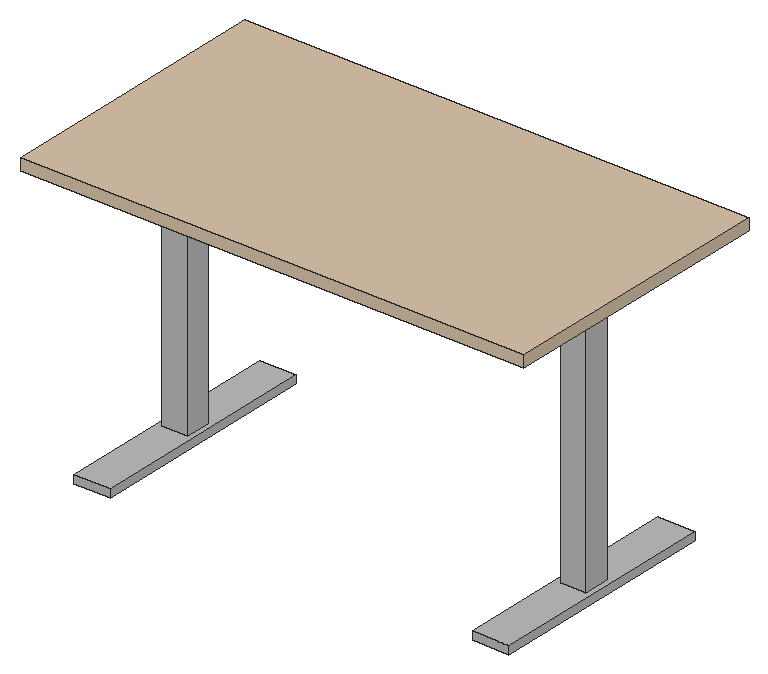
Revit family "Haworth_Masters_Table-Rectangular", category Furniture Systems, Revit 2018
Family settings
  Round Connector Dimension = Use Diameter
  Part Type = Normal
  OmniClass Number = 23.40.70.14.64.21
  OmniClass Title = Systems Furniture
  Work Plane-Based = No
  Always vertical = Yes
  Cut with Voids When Loaded = No
  Shared = No
  Room Calculation Point = No
Parameters (values of type "29d 52w - Rectangular Top - Height Adjustable")
  Worksurface Finish [instance] = Haworth _ Laminate _ Maple H-AE
  Worksurface Edge Finish [instance] = Haworth _ Laminate _ Maple H-AE
  Warranty = "http://www.haworth.com/resources/product-info/warranties"
  URL - Product = "http://www.haworth.com/products/desks/freestanding/masters-series"
  Sustainability Info = "http://media.haworth.com/asset/94814/Masters%20series%20PEDS.pdf"
  Leg Finish = Haworth _ Paint _ Metallic Champagne
  Model = "Masters"
  Min. Depth = if(Hoop Leg, 30", 29")  # 29"
  Max. Depth = if(Hoop Leg, 42", 41")  # 41"
  Hoop Leg = not(Height Adjustable)  # no
  Height Adjustable = yes
  Height = 30"
  Width = 52"
  URL = "http://www.haworth.com/"
  Support Height = Actual Height - Worksurface Thickness  # 28 13/16"
  Size = "Verify Final Dim. w/ Haworth"  # constant formula
  Revision Number = "0"  # constant formula
  Min/Max Width = if(Hoop Leg, "60-84 in. @ 6 in. Increments", "58-82 in. @ 6 in. Incriments")  # "58-82 in. @ 6 in. Incriments"
  Min/Max Height = if(Hoop Leg, "28 11/16-32 11/16 in.", "28 11/16-47 11/16 in.")  # "28 11/16-47 11/16 in."
  Min. Width = if(Hoop Leg, 60", 52")  # 52"
  Max. Width = 84"  # constant formula
  Min. Height = 28 11/16"  # constant formula
  Max. Height = if(Height Adjustable, 46" + Worksurface Thickness, 31 1/2" + Worksurface Thickness)  # 47 3/16"
  Manufacturer = "Haworth"  # constant formula
  Support Offset = 1 1/4"  # constant formula
  Description = "29d 58w - Rectangular Top - Height Adjustable"
  Depth = 29"
  Custom Width = not(or(Width / 6 = 10", Width / 6 = 11", Width / 7 = 12", Width / 7 = 13", Width / 7 = 14", (Width + 2") / 6 = 10", (Width + 2") / 6 = 11", (Width + 2") / 7 = 12", (Width + 2") / 7 = 13", (Width + 2") / 7 = 14"))  # yes
  Custom Size = or(Custom Depth, Custom Width)  # yes
  Custom Depth = not(or(Depth / 6 = 5", Depth / 6 = 6", Depth / 7 = 6", (Depth + 1") / 6 = 5", (Depth + 1") / 6 = 6", (Depth + 1") / 7 = 6"))  # no
  Author = "SHAPE Environments, LLC"  # constant formula
  Assembly Code = "E2020200"
  Actual Width = if(Width > Max. Width, Max. Width, if(Width < Min. Width, Min. Width, Width))  # 52"
  Actual Support Depth = Actual Depth - (Support Offset * 2)  # 26 1/2"
  Actual Height = if(Height > Max. Height, Max. Height, if(Height < Min. Height, Min. Height, Height))  # 30"
  Worksurface Thickness = 1 3/16"  # constant formula
  Min/Max Depth = if(Hoop Leg, "30, 36, 42 in.", "29, 35, 41 in.")  # "29, 35, 41 in."
  Actual Depth = if(Depth > Max. Depth, Max. Depth, if(Depth < Min. Depth, Min. Depth, Depth))  # 29"
Types (2): name | Width | Custom Width | Custom Size | Actual Width
  29d 52w - Rectangular Top - Height Adjustable | 52" | yes | yes | 52"
  29d 58w - Rectangular Top - Height Adjustable | 58" | no | no | 58"
Reference planes (in)
  plane 1 "Center F/B": y = 0
  plane 2 "Floor": z = 0
  plane 3 "Center L/R": x = 0
  plane 4 "Table Edge Left": x = -26
  plane 5 "Table Edge Right": x = 26
  plane 6 "Table Edge Back": y = -14.5
  plane 7 "Table Edge Front": y = 14.5
  plane 8 "Table Bottom": z = 30
  plane 9 "Support Front Offset": y = -13.25
  plane 10 "Support Back Offset": y = 13.25
  plane 11 "masking region": z = 28
  plane 12: x = 24.7
  plane 13: x = -24.7
  plane 14: x = 22.5
  plane 15: x = -22.5
Lines and regions (in)
  Masking region 1
    outline origin (0, 0, 28) x (0, -1, 0) y (1, 0, 0)
      loop
        line (-14.5, -26) -> (14.5, -26) -> (14.5, 26) -> (-14.5, 26) -> (-14.5, -26)
  symbolic lines, style "Haworth Hidden", detail levels fine
    curve 1: line (22.5, -12, 0) -> (22.5, 12, 0)
    curve 7: line (-22.5, -12, 0) -> (-22.5, 12, 0)
  symbolic lines, style "Haworth Hidden", visible <- "Height Adjustable", detail levels fine
    curve 2: line (20.89922, -12, 0) -> (22.5, -12, 0)
    curve 3: line (20.89922, 12, 0) -> (20.89922, -12, 0)
    curve 4: line (22.5, 12, 0) -> (20.89922, 12, 0)
    curve 5: line (-20.89922, -12, 0) -> (-22.5, -12, 0)
    curve 6: line (-20.89922, 12, 0) -> (-20.89922, -12, 0)
    curve 8: line (-22.5, 12, 0) -> (-20.89922, 12, 0)
  symbolic lines, style "Haworth Hidden", visible <- "Hoop Leg", detail levels fine
    curve 9: line (22.5, -12.875, 0) -> (22.5, -12, 0)
    curve 10: line (20.5, -12.875, 0) -> (22.5, -12.875, 0)
    curve 11: line (20.5, 12.875, 0) -> (20.5, -12.875, 0)
    curve 12: line (22.5, 12.875, 0) -> (20.5, 12.875, 0)
    curve 13: line (-20.5, 12.875, 0) -> (-20.5, -12.875, 0)
    curve 14: line (-22.5, 12.875, 0) -> (-20.5, 12.875, 0)
    curve 15: line (-22.5, -12.875, 0) -> (-22.5, -12, 0)
    curve 16: line (-20.5, -12.875, 0) -> (-22.5, -12.875, 0)
    curve 17: line (-22.5, 12, 0) -> (-22.5, 12.875, 0)
    curve 18: line (22.5, 12, 0) -> (22.5, 12.875, 0)
Dimensions and locks (in)
  "Actual Depth": plane 7 "Table Edge Front" to plane 6 "Table Edge Back"
  "Actual Width": plane 4 "Table Edge Left" to plane 5 "Table Edge Right"
  equal spacing: plane 4 "Table Edge Left", plane 3 "Center L/R", plane 5 "Table Edge Right"
  equal spacing: plane 7 "Table Edge Front", plane 1 "Center F/B", plane 6 "Table Edge Back"
  "Support Offset": plane 9 "Support Front Offset" to plane 6 "Table Edge Back"
  "Support Offset": plane 7 "Table Edge Front" to plane 10 "Support Back Offset"
  "Actual Height": plane 8 "Table Bottom" to level
  locked: plane 8 "Table Bottom" to plane 11 "masking region" at 2
  plane 5 "Table Edge Right" to plane 12 = 1.3"
  plane 4 "Table Edge Left" to plane 13 = 1.3"
  plane 4 "Table Edge Left" to plane 15 = 3 1/2"
  plane 14 to plane 5 "Table Edge Right" = 3 1/2"
  aligned and locked: plane 3 "Center L/R" to nested 1
  aligned and locked: plane 1 "Center F/B" to nested 1
  aligned and locked: plane 4 "Table Edge Left" to Masking region 1 sketch curve
  aligned and locked: Masking region 1 sketch curve to plane 7 "Table Edge Front"
  aligned and locked: nested 1 to Masking region 1 sketch curve
  aligned and locked: nested 2 to plane 12
  aligned and locked: nested 3 to plane 13
  aligned and locked: plane 1 "Center F/B" to nested 3
  aligned and locked: nested 2 to plane 1 "Center F/B"
  aligned and locked: nested 4 to plane 1 "Center F/B"
  aligned and locked: plane 1 "Center F/B" to nested 5
  aligned and locked: plane 14 to nested 4
  aligned and locked: plane 5 "Table Edge Right" to Masking region 1
  aligned and locked: plane 15 to nested 5
  aligned and locked: nested 1 to nested 5
Automatic sketch dimensions
  plane 5 "Table Edge Right" to Masking region 1 sketch curve = 0"
  curve 8 to curve 13 = 0.39922"
  curve 10 to curve 3 = 0.39922"
  curve 15 to curve 15 = 7/8"
  plane 9 "Support Front Offset" to curve 3 = 1 1/4"
  curve 8 to plane 10 "Support Back Offset" = 1 1/4"
  curve 1 to curve 12 = 7/8"
  curve 17 to plane 13 = 2.2"
  curve 10 to plane 12 = 2.2"
  curve 14 to plane 10 "Support Back Offset" = 3/8"
  curve 14 to plane 13 = 4.2"
  curve 3 to plane 12 = 3 205/256"
  plane 9 "Support Front Offset" to curve 5 = 1 1/4"
  plane 9 "Support Front Offset" to curve 9 = 3/8"
  curve 1 to plane 10 "Support Back Offset" = 1 1/4"
Nested families (in)
  nested 1: "Haworth_Worksurface-Rectangular" at (0, -15, 0), type "Worksurface"
    with Table Thickness 1 3/16", Actual Width 52", Actual Depth 29"
  nested 2: "Haworth_Worksurface-Support_Part-Masters" at (15.2, 6.11431, 0), visible <- "Hoop Leg", type "Support"
    with Angled Support Extension 17 1/2", Worksurface Depth 29", Actual Depth 26 1/2"
  nested 3: "Haworth_Worksurface-Support_Part-Masters" at (-15.2, 6.11431, 0) x (-1, 0, 0) z (0, 0, 1), visible <- "Hoop Leg", type "Support"
    with Angled Support Extension 17 1/2", Worksurface Depth 29", Actual Depth 26 1/2"
  nested 4: "Haworth_Worksurface-Adjustable-Support_Part-Masters" at (12.09961, 7.36431, 0), visible <- "Height Adjustable", type "Corner Support"
    with Shroud no, Worksurface Depth 29", Actual Depth 29"
  nested 5: "Haworth_Worksurface-Adjustable-Support_Part-Masters" at (-12.09961, 7.36431, 0) x (-1, 0, 0) z (0, 0, 1), visible <- "Height Adjustable", type "Corner Support"
    with Shroud no, Worksurface Depth 29", Actual Depth 29"
Definition of nested family "Haworth_Worksurface-Rectangular"
  Parameters
    Width = 0"
    Warranty = ""
    URL - Product = ""
    URL = "www.haworth.com"
    Table Thickness = 1 1/2"
    Table Finish = none
    Table Edge Finish = none
    Sustainability Info = ""
    Squared Corners = yes
    Size = "Verify Final Dim. w/ Haworth"  # constant formula
    Rounded Corners = no
    Revision Number = ""
    OmniClass Number = ""
    Min/Max Width = ""
    Min/Max Height = ""
    Min. Width = 0"
    Max. Width = 0"
    Min. Height = 0"
    Max. Height = 0"
    Material Options = ""
    Manufacturer = "Haworth"  # constant formula
    LEED Data = ""
    Height = 0"
    Author = "SHAPE Environments, LLC"  # constant formula
    Assembly Code = ""
    Actual Width = 60"
    Actual Height = 30"
    Actual Depth = 30"
  Reference planes (in)
    plane 1 "Center F/B": y = 15
    plane 2: z = 0
    plane 3 "Center L/R": x = 0
    plane 4 "Table Front": y = 30
    plane 5 "Table Right": x = 30
    plane 6 "Table Left": x = -30
    plane 7 "Table Back": y = 0
    plane 8 "Table Top": z = 30
    plane 9 "Table Bottom": z = 28.5
  Forms (in)
    Extrusion 1, solid, material <- "Table Finish", visible <- "Squared Corners"
      sketch origin (0, 0, 0) x (1, 0, 0) y (0, 1, 0)
        loop
          line (-30, 30) -> (-30, 0) -> (30, 0) -> (30, 30) -> (-30, 30)
      from 28.5 to 30
    Extrusion 2, solid, material <- "Table Finish", visible <- "Rounded Corners"
      sketch origin (0, 0, 0) x (1, 0, 0) y (0, 1, 0)
        loop
          arc (-28.5, 30) -> (-29.56066, 29.56066) -> (-30, 28.5) r 1.5
          line (-30, 28.5) -> (-30, 1.5)
          arc (-30, 1.5) -> (-29.56066, 0.43934) -> (-28.5, 0) r 1.5
          line (-28.5, 0) -> (28.5, 0)
          arc (28.5, 0) -> (29.56066, 0.43934) -> (30, 1.5) r 1.5
          line (30, 1.5) -> (30, 28.5)
          arc (30, 28.5) -> (29.56066, 29.56066) -> (28.5, 30) r 1.5
          line (28.5, 30) -> (-28.5, 30)
      from 28.5 to 30
  Dimensions and locks (in)
    "Actual Depth": plane 7 "Table Back" to plane 4 "Table Front"
    "Actual Width": plane 6 "Table Left" to plane 5 "Table Right"
    equal spacing: plane 6 "Table Left", plane 3 "Center L/R", plane 5 "Table Right"
    equal spacing: plane 4 "Table Front", plane 1 "Center F/B", plane 7 "Table Back"
    "Table Thickness": plane 8 "Table Top" to plane 9 "Table Bottom"
    "Actual Height": plane 8 "Table Top" to level
    aligned and locked: plane 6 "Table Left" to Extrusion 1 sketch curve
    aligned and locked: Extrusion 1 sketch curve to plane 4 "Table Front"
    aligned and locked: plane 7 "Table Back" to Extrusion 1 sketch curve
    aligned and locked: plane 5 "Table Right" to Extrusion 1 sketch curve
    aligned and locked: plane 8 "Table Top" to Extrusion 1
    aligned and locked: Extrusion 1 to plane 9 "Table Bottom"
    aligned and locked: plane 6 "Table Left" to Extrusion 2 sketch curve
    aligned and locked: Extrusion 2 sketch curve to plane 7 "Table Back"
    aligned and locked: plane 5 "Table Right" to Extrusion 2 sketch curve
    aligned and locked: Extrusion 2 sketch curve to plane 4 "Table Front"
    aligned and locked: plane 8 "Table Top" to Extrusion 2
    aligned and locked: Extrusion 2 to plane 9 "Table Bottom"
  Automatic sketch dimensions
    plane 6 "Table Left" to Extrusion 2 sketch curve = 1 1/2"
    Extrusion 2 sketch curve to Extrusion 2 sketch curve = 1 1/2"
    plane 5 "Table Right" to Extrusion 2 sketch curve = 1 1/2"  (x2)
Definition of nested family "Haworth_Worksurface-Support_Part-Masters"
  Parameters (values of type "Support")
    Support Offset = 3/8"  # constant formula
    Worksurface Height = 28 13/16"
    Worksurface Depth = 42"
    Warranty = "www.haworth.com/en-us/Products/Pages/Certifications.aspx"
    URL - Product = "www.haworth.com/en-us/Products/Furniture/Systems/Desking-Systems/Pages/Compose.aspx"
    URL = "www.haworth.com"
    Top Thickness = 1 3/16"
    Sustainability Info = "www.haworth.com/en-us/About-Us/Sustainability/Pages/Vision.aspx"
    Support Thickness = 2"  # constant formula
    Support Height = 28 13/16"
    Spacer Depth = 15"  # constant formula
    Size = "Verify Final Dim. w/ Haworth"  # constant formula
    Revision Number = "1"  # constant formula
    Model = "Worksurface"
    Min/Max Height = "26-32 in."  # constant formula
    Min/Max Depth = "18-36 in."  # constant formula
    Min. Height = 20"  # constant formula
    Min. Depth = 18"  # constant formula
    Max. Height = 48"  # constant formula
    Max. Depth = 36"  # constant formula
    Manufacturer = "Haworth"  # constant formula
    Leg Finish = none
    LEED Data = "www.haworth.com/en-us/Products/Furniture/Systems/Desking-Systems/Pages/Compose.aspx"
    Gap Depth = 3"  # constant formula
    Description = "Worksurface Support Reside"  # constant formula
    Corner Straight Support Extension = 5 3/4"  # constant formula
    Corner Angled Support Extension = 2 1/2"  # constant formula
    Bottom Strut Thickness = 1"  # constant formula
    Bottom Strut Location = 9"  # constant formula
    Author = "SHAPE Environments, LLC"  # constant formula
    Assembly Code = "E2020200"
    Angled Support Extension [instance] = 17 1/2"
    Actual Height = 30"
    Actual Depth = 39 1/2"
  Reference planes (in)
    plane 1: z = 0
    plane 2 "Center L/R": x = 8.5
    plane 3 "Support Left Edge": x = 7.5
    plane 4 "Support Right Edge": x = 9.5
    plane 5 "Back": y = 7.13569
    plane 6 "Front": y = -32.36431
    plane 7 "Support Top": z = 28.8125
    plane 8 "Mid Strut Top": z = 0.8125
    plane 9 "Mid Strut Bottom": z = 3.4375
    plane 10 "Top Strut Bottom": z = 27.625
    plane 11 "Front Support Exterior": y = -31.98931
    plane 12 "Front Support Interior": y = -30.98931
    plane 13 "Back Support Interior": y = 5.76069
    plane 14 "Back Support Exterior": y = 6.76069
    plane 15 "Center F/B": y = -12.61431
    plane 16 "Leg Top": z = 28.5625
    plane 17: x = -1.5
  Forms (in)
    Extrusion 1, solid, material <- "Leg Finish"
      sketch origin (8.5, 0, 0) x (0, 1, 0) y (0, 0, 1)
        loop
          line (5.76069, 0.8125) -> (-30.98931, 0.8125) -> (-30.98931, 28.8125) -> (-31.98931, 28.8125) -> (-31.98931, 0) -> (6.76069, 0) -> (6.76069, 28.8125) -> (5.76069, 28.8125) -> (5.76069, 0.8125)
      from -1 to 1
  Dimensions and locks (in)
    "Support Thickness": plane 3 "Support Left Edge" to plane 4 "Support Right Edge"
    equal spacing: plane 3 "Support Left Edge", plane 2 "Center L/R", plane 4 "Support Right Edge"
    "Actual Depth": plane 5 "Back" to plane 6 "Front"
    plane 7 "Support Top" to plane 10 "Top Strut Bottom" = 1 3/16"
    "Support Height": plane 7 "Support Top" to level
    locked: plane 5 "Back" to plane 14 "Back Support Exterior" at 0.375
    locked: plane 14 "Back Support Exterior" to plane 13 "Back Support Interior" at 1
    plane 12 "Front Support Interior" to plane 11 "Front Support Exterior" to plane 6 "Front" = 1" locked, 3/8" locked
    plane 7 "Support Top" to plane 9 "Mid Strut Bottom" = 25 3/8"
    equal spacing: plane 5 "Back", plane 15 "Center F/B", plane 6 "Front"
    plane 8 "Mid Strut Top" to level = 13/16"
    locked: plane 7 "Support Top" to plane 16 "Leg Top" at 0.25
    plane 17 to plane 2 "Center L/R" = 10"
    aligned and locked: plane 4 "Support Right Edge" to Extrusion 1
    aligned and locked: plane 3 "Support Left Edge" to Extrusion 1
  Automatic sketch dimensions
    Extrusion 1 sketch curve to level = 0"
    Extrusion 1 sketch curve to plane 11 "Front Support Exterior" = 0"
    Extrusion 1 sketch curve to plane 7 "Support Top" = 0"  (x2)
    Extrusion 1 sketch curve to plane 12 "Front Support Interior" = 0"
    Extrusion 1 sketch curve to plane 13 "Back Support Interior" = 0"
    Extrusion 1 sketch curve to plane 14 "Back Support Exterior" = 0"
    Extrusion 1 sketch curve to plane 8 "Mid Strut Top" = 0"
Definition of nested family "Haworth_Worksurface-Adjustable-Support_Part-Masters"
  Parameters (values of type "Corner Support")
    Wedge support offset = if(Worksurface Depth = 30", 4", if(Worksurface Depth = 36", 7", if(Worksurface Depth = 42", 2 205/256", 4")))  # 4"
    Support Offset = 3/8"  # constant formula
    Worksurface Height = 30"
    Worksurface Depth = 30"
    Warranty = "www.haworth.com/en-us/Products/Pages/Certifications.aspx"
    URL - Product = "www.haworth.com/en-us/Spaces/2011-NeoCon/New-Products/Pages/Reside-Desking.aspx"
    URL = "www.haworth.com"
    Top Thickness = 1 3/16"
    Sustainability Info = "www.haworth.com/en-us/About-Us/Sustainability/Pages/Vision.aspx"
    Support Thickness = 3 205/256"  # constant formula
    Support Height = Worksurface Height - Top Thickness  # 28 13/16"
    Spacer Depth = 15"  # constant formula
    Size = "Verify Final Dim. w/ Haworth"  # constant formula
    Shroud [instance] = yes
    Revision Number = "1"  # constant formula
    Panel Finish = none
    Model = "Worksurface"
    Min/Max Height = "26-32 in."  # constant formula
    Min/Max Depth = "18-36 in."  # constant formula
    Min. Height = 20"  # constant formula
    Min. Depth = 18"  # constant formula
    Max. Height = 48"  # constant formula
    Max. Depth = 36"  # constant formula
    Manufacturer = "Haworth"  # constant formula
    Leg Finish = none
    LEED Data = "www2.haworth.com/Promo/Reside-Beside-Belong/LEED-Reside.pdf"
    Gap Depth = 3"  # constant formula
    Description = "Worksurface Support Reside"  # constant formula
    Corner Straight Support Extension = 5 3/4"  # constant formula
    Corner Angled Support Extension = 2 1/2"  # constant formula
    Bottom Strut Thickness = 1"  # constant formula
    Bottom Strut Location = 9"  # constant formula
    Author = "SHAPE Environments, LLC"  # constant formula
    Assembly Code = "E2020200"
    Actual Height = 30"
    Actual Depth = 30"
  Types (2): name | Worksurface Height | URL - Product | Support Height | LEED Data | Actual Depth
    Corner Support | 30" | "www.haworth.com/en-us/Spaces/2011-NeoCon/New-Products/Pages/Reside-Desking.aspx" | 28 13/16" | "www2.haworth.com/Promo/Reside-Beside-Belong/LEED-Reside.pdf" | 30"
    Support | 28 13/16" | "www.haworth.com/en-us/Products/Furniture/Systems/Desking-Systems/Pages/Compose.aspx" | 27 5/8" | "www.haworth.com/en-us/Products/Furniture/Systems/Desking-Systems/Pages/Compose.aspx" | 27 1/2"
  Reference planes (in)
    plane 1: z = 0
    plane 2 "Center L/R": x = 8.5
    plane 3 "Support Left Edge": x = 6.59961
    plane 4 "Support Right Edge": x = 10.40039
    plane 5 "Back": y = 7.13569
    plane 6 "Front": y = -22.86431
    plane 7 "Support Top": z = 28.8125
    plane 8 "Mid Strut Top": z = 0.8125
    plane 9 "Mid Strut Bottom": z = 3.4375
    plane 10 "Top Strut Bottom": z = 27.625
    plane 11 "Front Support Exterior": y = -20.36431
    plane 12 "Front Support Interior": y = -16.36431
    plane 13 "Back Support Interior": y = 0.63569
    plane 14 "Back Support Exterior": y = 4.63569
    plane 15 "Center F/B": y = -7.86431
    plane 16 "Leg Top": z = 28.5625
    plane 17: z = 25.3125
  Forms (in)
    Extrusion 1, solid, material <- "Leg Finish"
      sketch origin (8.5, 0, 0) x (0, 1, 0) y (0, 0, 1)
        loop
          line (4.63569, 0) -> (4.63569, 0.8125) -> (-20.36431, 0.8125) -> (-20.36431, 0) -> (4.63569, 0)
      from -1.90039 to 1.90039
    Extrusion 2, solid, material <- "Leg Finish"
      sketch origin (8.5, 0, 0) x (0, 1, 0) y (0, 0, 1)
        loop
          line (-6.56431, 0.8125) -> (-6.56431, 25.3125) -> (-9.16431, 25.3125) -> (-9.16431, 0.8125) -> (-6.56431, 0.8125)
      from -1.30078 to 1.30078
    Extrusion 3, solid, material <- "Leg Finish"
      sketch origin (8.5, 0, 0) x (0, 1, 0) y (0, 0, 1)
        loop
          line (-6.71431, 25.3125) -> (-6.71431, 28.8125) -> (-9.01431, 28.8125) -> (-9.01431, 25.3125) -> (-6.71431, 25.3125)
      from -1.14844 to 0.90039
    Extrusion 4, solid, material <- "Leg Finish"
      sketch origin (10.40039, 0, 0) x (0, 1, 0) y (0, 0, 1)
        loop
          line (0.63569, 28.5625) -> (0.63569, 28.8125) -> (-16.36431, 28.8125) -> (-16.36431, 28.5625) -> (-9.80762, 26.51695) -> (-5.921, 26.51695) -> (0.63569, 28.5625)
      from -1 to 0
    Extrusion 5, solid, material <- "Panel Finish", visible <- "Shroud"
      sketch origin (0, 0, 0) x (1, 0, 0) y (0, 1, 0)
        loop
          line (5.84961, 5.38569) -> (5.84961, -21.11431) -> (6.59961, -21.11431) -> (11.15039, -21.11431) -> (11.15039, -20.36431) -> (11.15039, 5.38569) -> (10.40039, 5.38569) -> (5.84961, 5.38569)
        loop
          line (7.19922, -6.56431) -> (7.19922, -9.16431) -> (9.80078, -9.16431) -> (9.80078, -6.56431) -> (7.19922, -6.56431)
      from 0.5 to 21.5
  Dimensions and locks (in)
    "Support Thickness": plane 3 "Support Left Edge" to plane 4 "Support Right Edge"
    equal spacing: plane 3 "Support Left Edge", plane 2 "Center L/R", plane 4 "Support Right Edge"
    "Actual Depth": plane 5 "Back" to plane 6 "Front"
    plane 7 "Support Top" to plane 10 "Top Strut Bottom" = 1 3/16"
    "Support Height": plane 7 "Support Top" to level
    "Wedge support offset": plane 14 "Back Support Exterior" to plane 13 "Back Support Interior"
    plane 7 "Support Top" to plane 9 "Mid Strut Bottom" = 25 3/8"
    equal spacing: plane 5 "Back", plane 15 "Center F/B", plane 6 "Front"
    plane 8 "Mid Strut Top" to level = 13/16"
    locked: plane 7 "Support Top" to plane 16 "Leg Top" at 0.25
    locked: Extrusion 4 sketch curve to Extrusion 4 sketch curve at 2.29555
    locked: Extrusion 4 sketch curve to Extrusion 4 sketch curve at 0.25  (x2)
    plane 5 "Back" to plane 6 "Front" = 30"
    locked: plane 5 "Back" to plane 14 "Back Support Exterior" at 2.5
    locked: plane 11 "Front Support Exterior" to plane 6 "Front" at 2.5
    "Wedge support offset": plane 12 "Front Support Interior" to plane 11 "Front Support Exterior"
    locked: Extrusion 5 sketch curve to Extrusion 1 at 0.75  (x3)
    locked: Extrusion 1 to Extrusion 5 sketch curve at 0.75
    aligned and locked: plane 4 "Support Right Edge" to Extrusion 1
    aligned and locked: plane 3 "Support Left Edge" to Extrusion 1
    aligned and locked: plane 17 to Extrusion 2
    aligned and locked: plane 17 to Extrusion 3 sketch curve
    aligned and locked: Extrusion 3 sketch curve to plane 7 "Support Top"
    aligned and locked: plane 13 "Back Support Interior" to Extrusion 4 sketch curve
    aligned and locked: Extrusion 4 sketch curve to plane 7 "Support Top"
    aligned and locked: Extrusion 4 to Extrusion 3
    aligned and locked: plane 4 "Support Right Edge" to Extrusion 4
    aligned and locked: Extrusion 4 sketch curve to plane 13 "Back Support Interior"
    aligned and locked: plane 12 "Front Support Interior" to Extrusion 4 sketch curve
  Automatic sketch dimensions
    Extrusion 1 sketch curve to level = 0"
    Extrusion 1 sketch curve to plane 11 "Front Support Exterior" = 0"
    Extrusion 1 sketch curve to plane 8 "Mid Strut Top" = 0"
    Extrusion 1 sketch curve to plane 14 "Back Support Exterior" = 0"
    Extrusion 2 sketch curve to plane 8 "Mid Strut Top" = 0"
    Extrusion 2 sketch curve to plane 17 = 0"
    Extrusion 2 sketch curve to plane 15 "Center F/B" = 1.3"
    plane 15 "Center F/B" to Extrusion 2 sketch curve = 1.3"
    Extrusion 3 sketch curve to plane 15 "Center F/B" = 1.15"
    plane 15 "Center F/B" to Extrusion 3 sketch curve = 1.15"
    Extrusion 4 sketch curve to plane 15 "Center F/B" = 1.94331"
    plane 15 "Center F/B" to Extrusion 4 sketch curve = 1.94331"
    Extrusion 5 sketch curve to plane 3 "Support Left Edge" = 0"
    Extrusion 5 sketch curve to plane 4 "Support Right Edge" = 0"
    plane 11 "Front Support Exterior" to Extrusion 5 sketch curve = 0"
    Extrusion 5 sketch curve to plane 3 "Support Left Edge" = 0.59961"
    Extrusion 5 sketch curve to plane 4 "Support Right Edge" = 0.59961"
    Extrusion 5 sketch curve to plane 15 "Center F/B" = 1.3"
    plane 15 "Center F/B" to Extrusion 5 sketch curve = 1.3"
Types in the file's own list only (21): name | Min. Depth | Max. Depth | Hoop Leg | Height Adjustable | Width | Min/Max Width | Min/Max Height | Min. Width | Max. Height | Description | Depth | Custom Width | Custom Size | Actual Width | Actual Support Depth | Min/Max Depth | Actual Depth
  29d 64w - Rectangular Top - Height Adjustable | 29" | 41" | No | Yes | 64" | "58-82 in. @ 6 in. Incriments" | "28 11/16-47 11/16 in." | 52" | 47 3/16" | "29d 64w - Rectangular Top - Height Adjustable" | 29" | No | No | 64" | 26 1/2" | "29, 35, 41 in." | 29"
  29d 70w - Rectangular Top - Height Adjustable | 29" | 41" | No | Yes | 70" | "58-82 in. @ 6 in. Incriments" | "28 11/16-47 11/16 in." | 52" | 47 3/16" | "29d 70w - Rectangular Top - Height Adjustable" | 29" | Yes | Yes | 70" | 26 1/2" | "29, 35, 41 in." | 29"
  35d 58w - Rectangular Top - Height Adjustable | 29" | 41" | No | Yes | 58" | "58-82 in. @ 6 in. Incriments" | "28 11/16-47 11/16 in." | 52" | 47 3/16" | "35d 70w - Rectangular Top - Height Adjustable" | 35" | No | No | 58" | 32 1/2" | "29, 35, 41 in." | 35"
  35d 64w - Rectangular Top - Height Adjustable | 29" | 41" | No | Yes | 64" | "58-82 in. @ 6 in. Incriments" | "28 11/16-47 11/16 in." | 52" | 47 3/16" | "35d 70w - Rectangular Top - Height Adjustable" | 35" | No | No | 64" | 32 1/2" | "29, 35, 41 in." | 35"
  35d 70w - Rectangular Top - Height Adjustable | 29" | 41" | No | Yes | 70" | "58-82 in. @ 6 in. Incriments" | "28 11/16-47 11/16 in." | 52" | 47 3/16" | "35d 70w - Rectangular Top - Height Adjustable" | 35" | Yes | Yes | 70" | 32 1/2" | "29, 35, 41 in." | 35"
  35d 76w - Rectangular Top - Height Adjustable | 29" | 41" | No | Yes | 76" | "58-82 in. @ 6 in. Incriments" | "28 11/16-47 11/16 in." | 52" | 47 3/16" | "35d 76w - Rectangular Top - Height Adjustable" | 35" | Yes | Yes | 76" | 32 1/2" | "29, 35, 41 in." | 35"
  35d 82w - Rectangular Top - Height Adjustable | 29" | 41" | No | Yes | 82" | "58-82 in. @ 6 in. Incriments" | "28 11/16-47 11/16 in." | 52" | 47 3/16" | "35d 82w - Rectangular Top - Height Adjustable" | 35" | No | No | 82" | 32 1/2" | "29, 35, 41 in." | 35"
  41d 70w - Rectangular Top - Height Adjustable | 29" | 41" | No | Yes | 70" | "58-82 in. @ 6 in. Incriments" | "28 11/16-47 11/16 in." | 52" | 47 3/16" | "42d 70w - Rectangular Top - Height Adjustable" | 41" | Yes | Yes | 70" | 38 1/2" | "29, 35, 41 in." | 41"
  41d 76w - Rectangular Top - Height Adjustable | 29" | 41" | No | Yes | 76" | "58-82 in. @ 6 in. Incriments" | "28 11/16-47 11/16 in." | 52" | 47 3/16" | "42d 76w - Rectangular Top - Height Adjustable" | 41" | Yes | Yes | 76" | 38 1/2" | "29, 35, 41 in." | 41"
  41d 82w - Rectangular Top - Height Adjustable | 29" | 41" | No | Yes | 82" | "58-82 in. @ 6 in. Incriments" | "28 11/16-47 11/16 in." | 52" | 47 3/16" | "42d 82w - Rectangular Top - Height Adjustable" | 41" | No | No | 82" | 38 1/2" | "29, 35, 41 in." | 41"
  30d 60w - Rectangular Top - Hoop | 30" | 42" | Yes | No | 60" | "60-84 in. @ 6 in. Increments" | "28 11/16-32 11/16 in." | 60" | 32 11/16" | "30d 60w - Rectangular Top - Hoop" | 30" | No | No | 60" | 27 1/2" | "30, 36, 42 in." | 30"
  30d 66w - Rectangular Top - Hoop | 30" | 42" | Yes | No | 66" | "60-84 in. @ 6 in. Increments" | "28 11/16-32 11/16 in." | 60" | 32 11/16" | "30d 66w - Rectangular Top - Hoop" | 30" | No | No | 66" | 27 1/2" | "30, 36, 42 in." | 30"
  30d 72w - Rectangular Top - Hoop | 30" | 42" | Yes | No | 72" | "60-84 in. @ 6 in. Increments" | "28 11/16-32 11/16 in." | 60" | 32 11/16" | "30d 72w - Rectangular Top - Hoop" | 30" | Yes | Yes | 72" | 27 1/2" | "30, 36, 42 in." | 30"
  36d 60w - Rectangular Top - Hoop | 30" | 42" | Yes | No | 60" | "60-84 in. @ 6 in. Increments" | "28 11/16-32 11/16 in." | 60" | 32 11/16" | "36d 60w - Rectangular Top - Hoop" | 36" | No | No | 60" | 33 1/2" | "30, 36, 42 in." | 36"
  36d 66w - Rectangular Top - Hoop | 30" | 42" | Yes | No | 66" | "60-84 in. @ 6 in. Increments" | "28 11/16-32 11/16 in." | 60" | 32 11/16" | "36d 66w - Rectangular Top - Hoop" | 36" | No | No | 66" | 33 1/2" | "30, 36, 42 in." | 36"
  36d 72w - Rectangular Top - Hoop | 30" | 42" | Yes | No | 72" | "60-84 in. @ 6 in. Increments" | "28 11/16-32 11/16 in." | 60" | 32 11/16" | "36d 72w - Rectangular Top - Hoop" | 36" | Yes | Yes | 72" | 33 1/2" | "30, 36, 42 in." | 36"
  36d 78w - Rectangular Top - Hoop | 30" | 42" | Yes | No | 78" | "60-84 in. @ 6 in. Increments" | "28 11/16-32 11/16 in." | 60" | 32 11/16" | "36d 78w - Rectangular Top - Hoop" | 36" | Yes | Yes | 78" | 33 1/2" | "30, 36, 42 in." | 36"
  36d 84w - Rectangular Top - Hoop | 30" | 42" | Yes | No | 84" | "60-84 in. @ 6 in. Increments" | "28 11/16-32 11/16 in." | 60" | 32 11/16" | "36d 84w - Rectangular Top - Hoop" | 36" | No | No | 84" | 33 1/2" | "30, 36, 42 in." | 36"
  42d 72w - Rectangular Top - Hoop | 30" | 42" | Yes | No | 72" | "60-84 in. @ 6 in. Increments" | "28 11/16-32 11/16 in." | 60" | 32 11/16" | "42d 72w - Rectangular Top - Hoop" | 42" | Yes | Yes | 72" | 39 1/2" | "30, 36, 42 in." | 42"
  42d 78w - Rectangular Top - Hoop | 30" | 42" | Yes | No | 78" | "60-84 in. @ 6 in. Increments" | "28 11/16-32 11/16 in." | 60" | 32 11/16" | "42d 78w - Rectangular Top - Hoop" | 42" | Yes | Yes | 78" | 39 1/2" | "30, 36, 42 in." | 42"
  42d 84w - Rectangular Top - Hoop | 30" | 42" | Yes | No | 84" | "60-84 in. @ 6 in. Increments" | "28 11/16-32 11/16 in." | 60" | 32 11/16" | "42d 84w - Rectangular Top - Hoop" | 42" | No | No | 84" | 39 1/2" | "30, 36, 42 in." | 42"
